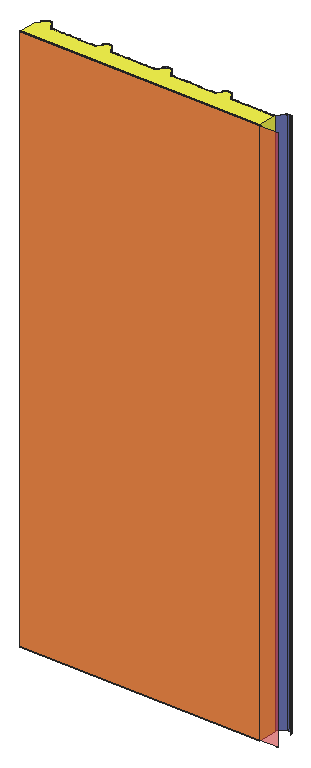
Revit family "ASSAN_N5M_0,5-0,4_T", category Curtain Panels, Revit 2019
Family settings
  OmniClass Number = 23.25.20.14.11.11.17
  OmniClass Title = Infill Panels
  Always vertical = Yes
  Cut with Voids When Loaded = No
  Shared = No
Parameters (values of type "ASSAN_N5M_0,5-0,4_T80")
  width  (mm) = "1000"  # constant formula
  minimum size  (m) = "3"  # constant formula
  maximum size (m) = "Depends on shipping conditions"  # constant formula
  Water absorption (EN ISO 354) = "By Volume 2% (168 hours)"  # constant formula
  Water Vapor Diffusion (EN 12086) = ""
  Version number = "Assan_N5M-001"  # constant formula
  Vapor Diffusion Resistance (EN 12086) = "30-100"  # constant formula
  Uniformat II Description = ""
  Uniformat II Code = ""
  Uniclass 2015 Name = "Metal composite panel roof covering systems"
  Uniclass 2015 Code = "Ss_30_40_55"
  Uniclass 2.0 Description = "Panel Roof Structure Systems"
  Uniclass 2.0 Code = "SS-20-10-60"
  Uniclass 1.4 Description = "Roof coverings, claddings, linings"
  Uniclass 1.4 Code = "L52"
  URL = "https://www.assanpanel.com.tr/en/"
  UNSPSC Code = ""
  Type Comments = "Prepainted Galvanized Steel Structure"  # constant formula
  Thicknes = 80 mm
  Temperature Resistance = "-200 /+110 ºC"  # constant formula
  Technical description = "https://www.assanpanel.com.tr/en/urunler/sandvic-paneller/cati-panelleri/n5m"
  Sound insulation Rw[Db]≥ = ""
  Rockwool Density (kg/m3) = ""
  Production Site = "İstanbul-Balıkesir"  # constant formula
  Painted Type = Plastisol : Plastisol
  Metal Sheet Type = Aluminum : Aluminum
  Internal Colour = RAL 6050
  Internal  Metal Thickness = 0,4 : 0,4
  Insulation Core Material = Assan PIR : Assan PIR
  Hot Dip Coating Quantity(EN 10327) (gr/m2) = AZ50 : AZ50
  Flammability Class (EN 13501) = "B. S2 . d0"  # constant formula
  Finish = "ASSAN IPN"
  External Metal Thickness = 0,4 : 0,4
  External Colour = RAL 5010
  Region = "ALL"  # constant formula
  Ral Code = "All colors available.Please enter the desired color code\r\n\r\n@  :  7032"
  QR code = "https://www.https://www.assanpanel.com.tr/en/urunler/sandvic-paneller/cati-panelleri/n5m"
  Product group = "insulated roof panels"  # constant formula
  Product family = "Roof Panels"  # constant formula
  Product data url = "https://www.assanpanel.com.tr/-/media/files/pdf/urunler/sandivic-paneller/cati-paneli/en/assan-panel-web-foyler_n5m_at-panel_en.ashx"
  Product certification = "https://www.assanpanel.com.tr/en/kutuphane/sertifikalarimiz"
  Polyurethane Density (EN 1602  (kg/m3) = "40 (±2)"  # constant formula
  Panel orientation = "Roof  panel vertical"  # constant formula
  OmniClass Description = ""
  OmniClass Code = ""
  NBS Reference Description = "Roofs"
  NBS Reference Code = "20-10"
  Model name = "ASSAN_N5M_ROOF"  # constant formula
  Masterformat 2014 Description = ""
  Masterformat 2014 Code = ""
  Manufacturer name = "Assan Panel San. ve Tic. A.Ş."  # constant formula
  Manufacturer country = "TURKEY"  # constant formula
  Manufacturer = "Assan Panel San. ve Tic. A.Ş."  # constant formula
  Installation instructions = "https://www.assanpanel.com.tr/en/urunler/sandvic-paneller/cati-panelleri/n5m"
  IFC Classification = "Roof"
  Heat Transmission Coefficient λ (EN 13165) (W/Mk) = "0,022-0,024"  # constant formula
  Dimensional Stability (EN 13165) = "Level DS (TH) 11"  # constant formula
  Design country = "ISTANBUL"  # constant formula
  Date of publishing = "001"  # constant formula
  Construction Type = "N5M"
  Closed cell ratio (EN 14509) = "95%"  # constant formula
  COBIe Type Category = ""
  BIMobject category = "Roof"
Types (6, lengths in mm): name | Thicknes | Insulation Core Material
  (no name) | 80 | Assan PIR : Assan PIR
  ASSAN_N5M_0,5-0,4_T40 | 40 | Assan PIR : Assan PIR
  ASSAN_N5M_0,5-0,4_T50 | 50 | Assan PUR : Assan PUR
  ASSAN_N5M_0,5-0,4_T60 | 60 | Assan PUR : Assan PUR
  ASSAN_N5M_0,5-0,4_T80 | 80 | Assan PIR : Assan PIR
  ASSAN_N5M_0,5-0,4_T100 | 100 | Assan PIR : Assan PIR
Reference planes
  plane 1 "Center (Front/Back)": y = 0
  plane 2: z = 0
  plane 3 "Center (Left/Right)": x = 0
  plane 4 "Left": x = -500
  plane 5 "Right": x = 500
  plane 6 "Top": z = 2300
  plane 7: x = -467.1
  plane 8: y = 1.2
  plane 9: y = 80
Text (mm)
  text "Exterior" at (-2351.972, 1416.179, 0), in view "Ref. Level"
  text "Exterior" at (0, 2290.741, 4406.713), in view "Left"
  text "Exterior" at (0, 1328.187, 4120.349), in view "Right"
Dimensions and locks
  equal spacing: plane 4 "Left", plane 3 "Center (Left/Right)", plane 5 "Right"
  locked: plane 1 "Center (Front/Back)" to plane 8 at 1.2
  "Thicknes": plane 1 "Center (Front/Back)" to plane 9
  nested 1 to plane 3 "Center (Left/Right)" = 40 mm
  aligned and locked: level to plane 2
  aligned and locked: plane 4 "Left" to nested 1
  aligned and locked: plane 4 "Left" to nested 3
  aligned and locked: plane 7 to nested 2
  aligned and locked: plane 4 "Left" to nested 4
  aligned and locked: plane 1 "Center (Front/Back)" to nested 1
  aligned and locked: plane 8 to nested 3
  aligned and locked: nested 2 to plane 9
  aligned and locked: plane 1 "Center (Front/Back)" to nested 4
  aligned and locked: nested 4 to plane 6 "Top"
  aligned and locked: nested 2 to plane 6 "Top"
  aligned and locked: nested 3 to plane 6 "Top"
  aligned and locked: nested 1 to plane 2
  aligned and locked: nested 1 to plane 6 "Top"
Nested families
  nested 1: "N5M_T" at (40, 24.78, 0) x (-1, 0, 0) z (0, 0, 1), type "N5M_T"
    with H 2300 mm
  nested 2: "N5M_B" at (39.956, 80, 0) x (-1, 0, 0) z (0, 0, 1), type "N5M_B"
    with H 2300 mm
  nested 3: "N5M_TT" at (0, 2.4, 0), type "N5M_TT"
    with H 2300 mm
  nested 4: "Assan PIR" at (13.596, 0, 0), type <- "Insulation Core Material", type "Assan PIR"
    with H 2300 mm, kALINLIK 80 mm
Definition of nested family "N5M_T"
  Parameters (values of type "N5M_T")
    Internal Colour = none
    H [instance] = 1732.761 mm
  Reference planes
    plane 1 "Center (Front/Back)": y = 0
    plane 2: z = 0
    plane 3 "Center (Left/Right)": x = 0
    plane 4: z = 1732.761
  Forms (mm)
    Extrusion 1, solid, material <- "Internal Colour"
      sketch origin (0, 0, 0) x (1, 0, 0) y (0, 1, 0)
        loop
          line (-459.999, 23.58) -> (540, 23.58) -> (540, 24.78) -> (-460, 24.78)
          arc (-460, 24.78) -> (-460.424, 24.956) -> (-460.599, 25.38) r 0.6
          arc (-460.599, 25.38) -> (-460.775, 25.805) -> (-461.199, 25.98) r 0.6
          line (-461.199, 25.98) -> (-540, 25.98) -> (-540, 24.78) -> (-461.199, 24.78)
          arc (-461.199, 24.78) -> (-460.775, 24.605) -> (-460.599, 24.18) r 0.6
          arc (-460.599, 24.18) -> (-460.424, 23.756) -> (-459.999, 23.58) r 0.6
      from 0 to 1732.761
  Dimensions and locks
    "H": plane 4 to plane 2
    aligned and locked: level to plane 2
    aligned and locked: plane 4 to Extrusion 1
    aligned and locked: Extrusion 1 to plane 2
  Automatic sketch dimensions
    Extrusion 1 sketch curve to plane 1 "Center (Front/Back)" = 24.78 mm  (x2)
    Extrusion 1 sketch curve to plane 3 "Center (Left/Right)" = 540 mm
    Extrusion 1 sketch curve to plane 1 "Center (Front/Back)" = 25.98 mm
    Extrusion 1 sketch curve to Extrusion 1 sketch curve = 78.8 mm
    Extrusion 1 sketch curve to Extrusion 1 sketch curve = 0 mm
    Extrusion 1 sketch curve to Extrusion 1 sketch curve = 1.199 mm
    Extrusion 1 sketch curve to Extrusion 1 sketch curve = 0.001 mm  (x2)
    plane 3 "Center (Left/Right)" to Extrusion 1 sketch curve = 540 mm
    Extrusion 1 sketch curve to Extrusion 1 sketch curve = 0.6 mm  (x4)
    Extrusion 1 sketch curve to Extrusion 1 sketch curve = 1.2 mm
Definition of nested family "N5M_B"
  Parameters (values of type "N5M_B")
    H [instance] = 2031.585 mm
    External Colour = none
  Reference planes
    plane 1 "Center (Front/Back)": y = 0
    plane 2: z = 0
    plane 3 "Center (Left/Right)": x = 0
    plane 4: x = 507.056
    plane 5: x = -492.944
    plane 6: z = 2031.585
  Forms (mm)
    Extrusion 1, solid, material <- "External Colour"
      sketch origin (0, 25.22, 0) x (1, 0, 0) y (0, 1, 0)
        loop
          arc (15.349, -59.222) -> (17.056, -58.791) -> (18.355, -57.602) r 3.6
          line (18.355, -57.602) -> (38.974, -26.57)
          arc (38.974, -26.57) -> (40.056, -25.579) -> (41.48, -25.22) r 3
          line (41.48, -25.22) -> (48.714, -25.22) -> (86.803, -25.22) -> (105.363, -25.22)
          arc (105.363, -25.22) -> (106.167, -25.38) -> (106.848, -25.835) r 2.1
          arc (106.848, -25.835) -> (107.504, -26.483) -> (108.396, -26.72) r 1.796
          line (108.396, -26.72) -> (155.717, -26.72)
          arc (155.717, -26.72) -> (156.608, -26.483) -> (157.265, -25.835) r 1.796
          arc (157.265, -25.835) -> (157.946, -25.38) -> (158.749, -25.22) r 2.1
          line (158.749, -25.22) -> (204.032, -25.22) -> (215.399, -25.22) -> (222.64, -25.22)
          arc (222.64, -25.22) -> (224.059, -25.58) -> (225.139, -26.57) r 3
          line (225.139, -26.57) -> (245.757, -57.602)
          arc (245.757, -57.602) -> (247.056, -58.791) -> (248.764, -59.222) r 3.6
          line (248.764, -59.222) -> (257.056, -59.222) -> (265.349, -59.222)
          arc (265.349, -59.222) -> (267.056, -58.791) -> (268.355, -57.602) r 3.6
          line (268.355, -57.602) -> (288.974, -26.57)
          arc (288.974, -26.57) -> (290.053, -25.58) -> (291.473, -25.22) r 3
          line (291.473, -25.22) -> (298.714, -25.22) -> (310.081, -25.22) -> (355.363, -25.22)
          arc (355.363, -25.22) -> (356.167, -25.38) -> (356.848, -25.835) r 2.1
          arc (356.848, -25.835) -> (357.504, -26.483) -> (358.396, -26.72) r 1.796
          line (358.396, -26.72) -> (405.717, -26.72)
          arc (405.717, -26.72) -> (406.608, -26.483) -> (407.265, -25.835) r 1.796
          arc (407.265, -25.835) -> (407.946, -25.38) -> (408.749, -25.22) r 2.1
          line (408.749, -25.22) -> (428.248, -25.22) -> (466.336, -25.22) -> (473.571, -25.22)
          arc (473.571, -25.22) -> (474.994, -25.579) -> (476.076, -26.57) r 3
          line (476.076, -26.57) -> (496.416, -57.182)
          arc (496.416, -57.182) -> (497.441, -58.09) -> (498.764, -58.422) r 2.8
          line (498.764, -58.422) -> (515.349, -58.422)
          arc (515.349, -58.422) -> (516.678, -58.086) -> (517.688, -57.16) r 2.8
          line (517.688, -57.16) -> (528.756, -40.502) -> (528.09, -40.059) -> (517.021, -56.719)
          arc (517.021, -56.719) -> (516.299, -57.382) -> (515.349, -57.622) r 2
          line (515.349, -57.622) -> (498.762, -57.622)
          arc (498.762, -57.622) -> (497.818, -57.384) -> (497.098, -56.729) r 2
          line (497.098, -56.729) -> (476.744, -26.129)
          arc (476.744, -26.129) -> (475.376, -24.876) -> (473.579, -24.42) r 3.8
          line (473.579, -24.42) -> (466.336, -24.42) -> (428.248, -24.42) -> (408.749, -24.42)
          arc (408.749, -24.42) -> (407.64, -24.64) -> (406.699, -25.269) r 2.9
          arc (406.699, -25.269) -> (406.275, -25.696) -> (405.717, -25.92) r 1.478
          line (405.717, -25.92) -> (358.396, -25.92)
          arc (358.396, -25.92) -> (357.837, -25.696) -> (357.414, -25.269) r 1.478
          arc (357.414, -25.269) -> (356.473, -24.64) -> (355.363, -24.42) r 2.9
          line (355.363, -24.42) -> (310.081, -24.42) -> (298.714, -24.42) -> (291.48, -24.42)
          arc (291.48, -24.42) -> (289.678, -24.874) -> (288.307, -26.129) r 3.8
          line (288.307, -26.129) -> (267.688, -57.16)
          arc (267.688, -57.16) -> (266.678, -58.086) -> (265.349, -58.422) r 2.8
          line (265.349, -58.422) -> (257.056, -58.422) -> (248.764, -58.422)
          arc (248.764, -58.422) -> (247.435, -58.086) -> (246.425, -57.16) r 2.8
          line (246.425, -57.16) -> (225.806, -26.129)
          arc (225.806, -26.129) -> (224.435, -24.874) -> (222.633, -24.42) r 3.8
          line (222.633, -24.42) -> (215.399, -24.42) -> (204.032, -24.42) -> (158.749, -24.42)
          arc (158.749, -24.42) -> (157.64, -24.64) -> (156.699, -25.269) r 2.9
          arc (156.699, -25.269) -> (156.275, -25.696) -> (155.717, -25.92) r 1.478
          line (155.717, -25.92) -> (108.396, -25.92)
          arc (108.396, -25.92) -> (107.837, -25.696) -> (107.414, -25.269) r 1.478
          arc (107.414, -25.269) -> (106.473, -24.64) -> (105.363, -24.42) r 2.9
          line (105.363, -24.42) -> (86.803, -24.42) -> (48.714, -24.42) -> (41.472, -24.42)
          arc (41.472, -24.42) -> (39.674, -24.876) -> (38.307, -26.129) r 3.8
          line (38.307, -26.129) -> (17.688, -57.16)
          arc (17.688, -57.16) -> (16.678, -58.086) -> (15.349, -58.422) r 2.8
          line (15.349, -58.422) -> (7.056, -58.422) -> (-1.236, -58.422)
          arc (-1.236, -58.422) -> (-2.565, -58.086) -> (-3.575, -57.16) r 2.8
          line (-3.575, -57.16) -> (-24.194, -26.129)
          arc (-24.194, -26.129) -> (-25.561, -24.876) -> (-27.359, -24.42) r 3.8
          line (-27.359, -24.42) -> (-34.601, -24.42) -> (-72.69, -24.42) -> (-91.251, -24.42)
          arc (-91.251, -24.42) -> (-92.36, -24.64) -> (-93.301, -25.269) r 2.9
          arc (-93.301, -25.269) -> (-93.725, -25.696) -> (-94.283, -25.92) r 1.478
          line (-94.283, -25.92) -> (-141.604, -25.92)
          arc (-141.604, -25.92) -> (-142.163, -25.696) -> (-142.586, -25.269) r 1.478
          arc (-142.586, -25.269) -> (-143.527, -24.64) -> (-144.637, -24.42) r 2.9
          line (-144.637, -24.42) -> (-189.919, -24.42) -> (-201.286, -24.42) -> (-208.52, -24.42)
          arc (-208.52, -24.42) -> (-210.322, -24.874) -> (-211.693, -26.129) r 3.8
          line (-211.693, -26.129) -> (-232.312, -57.16)
          arc (-232.312, -57.16) -> (-233.322, -58.086) -> (-234.651, -58.422) r 2.8
          line (-234.651, -58.422) -> (-242.944, -58.422) -> (-251.236, -58.422)
          arc (-251.236, -58.422) -> (-252.565, -58.086) -> (-253.575, -57.16) r 2.8
          line (-253.575, -57.16) -> (-274.194, -26.129)
          arc (-274.194, -26.129) -> (-275.565, -24.874) -> (-277.367, -24.42) r 3.8
          line (-277.367, -24.42) -> (-284.601, -24.42) -> (-295.968, -24.42) -> (-341.251, -24.42)
          arc (-341.251, -24.42) -> (-342.36, -24.64) -> (-343.301, -25.269) r 2.9
          arc (-343.301, -25.269) -> (-343.725, -25.696) -> (-344.283, -25.92) r 1.478
          line (-344.283, -25.92) -> (-391.604, -25.92)
          arc (-391.604, -25.92) -> (-392.163, -25.696) -> (-392.586, -25.269) r 1.478
          arc (-392.586, -25.269) -> (-393.527, -24.64) -> (-394.637, -24.42) r 2.9
          line (-394.637, -24.42) -> (-413.197, -24.42) -> (-451.286, -24.42) -> (-458.528, -24.42)
          arc (-458.528, -24.42) -> (-460.326, -24.876) -> (-461.693, -26.129) r 3.8
          line (-461.693, -26.129) -> (-482.312, -57.16)
          arc (-482.312, -57.16) -> (-483.322, -58.086) -> (-484.651, -58.422) r 2.8
          line (-484.651, -58.422) -> (-492.944, -58.422) -> (-501.238, -58.422)
          arc (-501.238, -58.422) -> (-502.569, -58.084) -> (-503.579, -57.155) r 2.8
          line (-503.579, -57.155) -> (-507.357, -51.678) -> (-508.644, -49.813)
          arc (-508.644, -49.813) -> (-508.942, -49.544) -> (-509.329, -49.439) r 0.866
          arc (-509.329, -49.439) -> (-510.6, -48.739) -> (-510.783, -47.3) r 1.6
          arc (-510.783, -47.3) -> (-510.877, -46.576) -> (-511.521, -46.23) r 0.8
          arc (-511.521, -46.23) -> (-512.8, -45.549) -> (-513.005, -44.115) r 1.6
          arc (-513.005, -44.115) -> (-512.967, -43.712) -> (-513.113, -43.335) r 0.876
          line (-513.113, -43.335) -> (-514.941, -40.685) -> (-515.6, -41.139) -> (-513.787, -43.767)
          arc (-513.787, -43.767) -> (-513.632, -44.162) -> (-513.669, -44.585) r 0.929
          arc (-513.669, -44.585) -> (-513.454, -46.011) -> (-512.179, -46.684) r 1.6
          arc (-512.179, -46.684) -> (-511.536, -47.03) -> (-511.441, -47.754) r 0.8
          arc (-511.441, -47.754) -> (-511.261, -49.189) -> (-509.999, -49.893) r 1.6
          arc (-509.999, -49.893) -> (-509.6, -50.004) -> (-509.293, -50.281) r 0.902
          line (-509.293, -50.281) -> (-508.016, -52.132) -> (-504.243, -57.602)
          arc (-504.243, -57.602) -> (-502.944, -58.791) -> (-501.236, -59.222) r 3.6
          line (-501.236, -59.222) -> (-492.944, -59.222) -> (-484.651, -59.222)
          arc (-484.651, -59.222) -> (-482.944, -58.791) -> (-481.645, -57.602) r 3.6
          line (-481.645, -57.602) -> (-461.026, -26.57)
          arc (-461.026, -26.57) -> (-459.944, -25.579) -> (-458.52, -25.22) r 3
          line (-458.52, -25.22) -> (-451.286, -25.22) -> (-413.197, -25.22) -> (-394.637, -25.22)
          arc (-394.637, -25.22) -> (-393.833, -25.38) -> (-393.152, -25.835) r 2.1
          arc (-393.152, -25.835) -> (-392.496, -26.483) -> (-391.604, -26.72) r 1.796
          line (-391.604, -26.72) -> (-344.283, -26.72)
          arc (-344.283, -26.72) -> (-343.392, -26.483) -> (-342.735, -25.835) r 1.796
          arc (-342.735, -25.835) -> (-342.054, -25.38) -> (-341.251, -25.22) r 2.1
          line (-341.251, -25.22) -> (-295.968, -25.22) -> (-284.601, -25.22) -> (-277.36, -25.22)
          arc (-277.36, -25.22) -> (-275.941, -25.58) -> (-274.861, -26.57) r 3
          line (-274.861, -26.57) -> (-254.243, -57.602)
          arc (-254.243, -57.602) -> (-252.944, -58.791) -> (-251.236, -59.222) r 3.6
          line (-251.236, -59.222) -> (-242.944, -59.222) -> (-234.651, -59.222)
          arc (-234.651, -59.222) -> (-232.944, -58.791) -> (-231.645, -57.602) r 3.6
          line (-231.645, -57.602) -> (-211.026, -26.57)
          arc (-211.026, -26.57) -> (-209.947, -25.58) -> (-208.527, -25.22) r 3
          line (-208.527, -25.22) -> (-201.286, -25.22) -> (-189.919, -25.22) -> (-144.637, -25.22)
          arc (-144.637, -25.22) -> (-143.833, -25.38) -> (-143.152, -25.835) r 2.1
          arc (-143.152, -25.835) -> (-142.496, -26.483) -> (-141.604, -26.72) r 1.796
          line (-141.604, -26.72) -> (-94.283, -26.72)
          arc (-94.283, -26.72) -> (-93.392, -26.483) -> (-92.735, -25.835) r 1.796
          arc (-92.735, -25.835) -> (-92.054, -25.38) -> (-91.251, -25.22) r 2.1
          line (-91.251, -25.22) -> (-72.69, -25.22) -> (-34.601, -25.22) -> (-27.367, -25.22)
          arc (-27.367, -25.22) -> (-25.944, -25.579) -> (-24.861, -26.57) r 3
          line (-24.861, -26.57) -> (-4.243, -57.602)
          arc (-4.243, -57.602) -> (-2.944, -58.791) -> (-1.236, -59.222) r 3.6
          line (-1.236, -59.222) -> (7.056, -59.222) -> (15.349, -59.222)
      from 0 to 2031.585
  Dimensions and locks
    "H": plane 6 to plane 2
    aligned and locked: level to plane 2
    aligned and locked: plane 6 to Extrusion 1
  Automatic sketch dimensions
    Extrusion 1 sketch curve to Extrusion 1 sketch curve = 0 mm  (x110)
    Extrusion 1 sketch curve to plane 5 = 0 mm  (x2)
    plane 1 "Center (Front/Back)" to Extrusion 1 sketch curve = 0 mm  (x8)
    plane 5 to Extrusion 1 sketch curve = 8.292 mm
    Extrusion 1 sketch curve to Extrusion 1 sketch curve = 0.002 mm  (x2)
    Extrusion 1 sketch curve to Extrusion 1 sketch curve = 2.341 mm
    Extrusion 1 sketch curve to Extrusion 1 sketch curve = 0.664 mm
    Extrusion 1 sketch curve to Extrusion 1 sketch curve = 3.778 mm
    Extrusion 1 sketch curve to Extrusion 1 sketch curve = 1.287 mm
    Extrusion 1 sketch curve to Extrusion 1 sketch curve = 0.632 mm
    Extrusion 1 sketch curve to Extrusion 1 sketch curve = 0.648 mm
    Extrusion 1 sketch curve to Extrusion 1 sketch curve = 0.065 mm  (x2)
    Extrusion 1 sketch curve to Extrusion 1 sketch curve = 0.658 mm  (x5)
    Extrusion 1 sketch curve to Extrusion 1 sketch curve = 0.677 mm
    Extrusion 1 sketch curve to Extrusion 1 sketch curve = 2.214 mm
    Extrusion 1 sketch curve to Extrusion 1 sketch curve = 1.601 mm
    Extrusion 1 sketch curve to Extrusion 1 sketch curve = 0.964 mm
    Extrusion 1 sketch curve to Extrusion 1 sketch curve = 0.674 mm
    Extrusion 1 sketch curve to Extrusion 1 sketch curve = 0.047 mm
    Extrusion 1 sketch curve to Extrusion 1 sketch curve = 0.718 mm
    Extrusion 1 sketch curve to Extrusion 1 sketch curve = 1.828 mm
    Extrusion 1 sketch curve to plane 5 = 8.292 mm
    Extrusion 1 sketch curve to Extrusion 1 sketch curve = 2.339 mm  (x6)
    Extrusion 1 sketch curve to Extrusion 1 sketch curve = 0.667 mm  (x12)
    plane 1 "Center (Front/Back)" to Extrusion 1 sketch curve = 0.909 mm  (x8)
    Extrusion 1 sketch curve to plane 5 = 31.25 mm
    plane 1 "Center (Front/Back)" to Extrusion 1 sketch curve = 1.35 mm  (x8)
    Extrusion 1 sketch curve to plane 1 "Center (Front/Back)" = 0.8 mm  (x6)
    Extrusion 1 sketch curve to Extrusion 1 sketch curve = 2.498 mm  (x2)
    plane 1 "Center (Front/Back)" to Extrusion 1 sketch curve = 3 mm  (x6)
    Extrusion 1 sketch curve to Extrusion 1 sketch curve = 7.242 mm  (x2)
    Extrusion 1 sketch curve to Extrusion 1 sketch curve = 38.089 mm  (x3)
    plane 1 "Center (Front/Back)" to Extrusion 1 sketch curve = 2.1 mm  (x6)
    Extrusion 1 sketch curve to Extrusion 1 sketch curve = 18.561 mm  (x3)
    plane 1 "Center (Front/Back)" to Extrusion 1 sketch curve = 1.5 mm  (x4)
    Extrusion 1 sketch curve to Extrusion 1 sketch curve = 3.033 mm  (x8)
    Extrusion 1 sketch curve to Extrusion 1 sketch curve = 0.257 mm  (x8)
    Extrusion 1 sketch curve to plane 1 "Center (Front/Back)" = 0.755 mm  (x4)
    Extrusion 1 sketch curve to Extrusion 1 sketch curve = 46.806 mm  (x4)
    Extrusion 1 sketch curve to Extrusion 1 sketch curve = 45.282 mm  (x4)
    Extrusion 1 sketch curve to Extrusion 1 sketch curve = 11.367 mm  (x4)
    Extrusion 1 sketch curve to Extrusion 1 sketch curve = 7.234 mm  (x6)
    Extrusion 1 sketch curve to Extrusion 1 sketch curve = 0.007 mm  (x2)
    plane 1 "Center (Front/Back)" to Extrusion 1 sketch curve = 32.382 mm  (x5)
    Extrusion 1 sketch curve to Extrusion 1 sketch curve = 20.619 mm  (x5)
    plane 1 "Center (Front/Back)" to Extrusion 1 sketch curve = 31.941 mm  (x4)
    Extrusion 1 sketch curve to Extrusion 1 sketch curve = 8.292 mm  (x5)
    Extrusion 1 sketch curve to Extrusion 1 sketch curve = 2.499 mm  (x3)
    Extrusion 1 sketch curve to plane 1 "Center (Front/Back)" = 0.296 mm  (x8)
    Extrusion 1 sketch curve to plane 1 "Center (Front/Back)" = 0 mm  (x2)
    Extrusion 1 sketch curve to plane 3 "Center (Left/Right)" = 34.601 mm
    Extrusion 1 sketch curve to Extrusion 1 sketch curve = 0.008 mm  (x2)
    Extrusion 1 sketch curve to plane 3 "Center (Left/Right)" = 4.243 mm
    Extrusion 1 sketch curve to plane 3 "Center (Left/Right)" = 1.236 mm
    plane 3 "Center (Left/Right)" to Extrusion 1 sketch curve = 7.056 mm
    Extrusion 1 sketch curve to Extrusion 1 sketch curve = 19.498 mm
    Extrusion 1 sketch curve to Extrusion 1 sketch curve = 2.506 mm
    plane 4 to Extrusion 1 sketch curve = 8.294 mm
    Extrusion 1 sketch curve to plane 4 = 8.292 mm
    Extrusion 1 sketch curve to Extrusion 1 sketch curve = 1.672 mm
    Extrusion 1 sketch curve to Extrusion 1 sketch curve = 11.069 mm
    Extrusion 1 sketch curve to Extrusion 1 sketch curve = 0.666 mm
    plane 1 "Center (Front/Back)" to Extrusion 1 sketch curve = 32.402 mm
    plane 1 "Center (Front/Back)" to Extrusion 1 sketch curve = 33.202 mm
    Extrusion 1 sketch curve to Extrusion 1 sketch curve = 0.82 mm  (x4)
    Extrusion 1 sketch curve to Extrusion 1 sketch curve = 1.262 mm  (x2)
    Extrusion 1 sketch curve to Extrusion 1 sketch curve = 0.8 mm  (x5)
    Extrusion 1 sketch curve to Extrusion 1 sketch curve = 0.441 mm  (x4)
    Extrusion 1 sketch curve to Extrusion 1 sketch curve = 0.462 mm
    Extrusion 1 sketch curve to Extrusion 1 sketch curve = 2 mm
    Extrusion 1 sketch curve to Extrusion 1 sketch curve = 5.477 mm
    Extrusion 1 sketch curve to Extrusion 1 sketch curve = 0.885 mm
    Extrusion 1 sketch curve to Extrusion 1 sketch curve = 0.489 mm
    Extrusion 1 sketch curve to Extrusion 1 sketch curve = 0.023 mm
    Extrusion 1 sketch curve to Extrusion 1 sketch curve = 0.469 mm
    Extrusion 1 sketch curve to Extrusion 1 sketch curve = 1.519 mm
    Extrusion 1 sketch curve to Extrusion 1 sketch curve = 0.454 mm  (x5)
    Extrusion 1 sketch curve to Extrusion 1 sketch curve = 0.81 mm
    Extrusion 1 sketch curve to Extrusion 1 sketch curve = 1.945 mm
    Extrusion 1 sketch curve to Extrusion 1 sketch curve = 0.79 mm
    Extrusion 1 sketch curve to Extrusion 1 sketch curve = 0.463 mm
    Extrusion 1 sketch curve to Extrusion 1 sketch curve = 0.432 mm
    Extrusion 1 sketch curve to Extrusion 1 sketch curve = 2.628 mm
    Extrusion 1 sketch curve to Extrusion 1 sketch curve = 2.1 mm  (x2)
    plane 1 "Center (Front/Back)" to Extrusion 1 sketch curve = 0.7 mm  (x4)
    Extrusion 1 sketch curve to Extrusion 1 sketch curve = 0.459 mm  (x4)
    plane 1 "Center (Front/Back)" to Extrusion 1 sketch curve = 0.049 mm  (x4)
    Extrusion 1 sketch curve to Extrusion 1 sketch curve = 0.003 mm
    Extrusion 1 sketch curve to Extrusion 1 sketch curve = 2.346 mm
    Extrusion 1 sketch curve to Extrusion 1 sketch curve = 0.016 mm  (x2)
    Extrusion 1 sketch curve to Extrusion 1 sketch curve = 0.65 mm
    Extrusion 1 sketch curve to Extrusion 1 sketch curve = 0.011 mm  (x2)
Definition of nested family "N5M_TT"
  Parameters (values of type "N5M_TT")
    Internal Colour = none
    H [instance] = 1863.691 mm
  Reference planes
    plane 1 "Center (Front/Back)": y = 0
    plane 2: z = 0
    plane 3 "Center (Left/Right)": x = 0
    plane 4: z = 1863.691
  Forms (mm)
    Extrusion 1, solid, material <- "Internal Colour"
      sketch origin (-40, -24.78, 0) x (1, 0, 0) y (0, 1, 0)
        loop
          line (-459.999, 23.58) -> (540, 23.58) -> (540, 24.78) -> (-459.999, 24.78) -> (-459.999, 23.58)
      from 0 to 1863.691
  Dimensions and locks
    "H": plane 4 to plane 2
    aligned and locked: level to plane 2
    aligned and locked: Extrusion 1 to plane 1 "Center (Front/Back)"
    aligned and locked: plane 4 to Extrusion 1
  Automatic sketch dimensions
    plane 1 "Center (Front/Back)" to Extrusion 1 sketch curve = 0 mm
    Extrusion 1 sketch curve to plane 3 "Center (Left/Right)" = 500 mm
    plane 3 "Center (Left/Right)" to Extrusion 1 sketch curve = 500 mm
    plane 1 "Center (Front/Back)" to Extrusion 1 sketch curve = 1.2 mm
Definition of nested family "Assan PIR"
  Parameters (values of type "Assan PIR")
    kALINLIK = 90 mm
    Thickness = 2.4 mm
    Insulation Core Material = none
    H [instance] = 2015.173 mm
    Analytic Construction = "<None>"
  Reference planes
    plane 1 "Center (Front/Back)": y = 0
    plane 2: z = 0
    plane 3 "Center (Left/Right)": x = 0
    plane 4: x = 486.404
    plane 5: y = 89.2
    plane 6: z = 2015.173
    plane 7: x = -513.596
    plane 8: y = 122.402
    plane 9: x = -480.696
    plane 10: y = 90
    plane 11: y = 2.4
    plane 12: y = 123.202
    plane 13: y = 90.7
  Forms (mm)
    Extrusion 1, solid, material <- "Insulation Core Material"
      sketch origin (0, 70, 0) x (1, 0, 0) y (0, 1, 0)
        loop
          arc (-447.639, 19.2) -> (-449.057, 19.556) -> (-450.138, 20.54) r 3
          line (-450.138, 20.54) -> (-470.418, 51.062)
          arc (-470.418, 51.062) -> (-471.499, 52.046) -> (-472.917, 52.402) r 3
          line (-472.917, 52.402) -> (-488.452, 52.402)
          arc (-488.452, 52.402) -> (-489.869, 52.046) -> (-490.95, 51.062) r 3
          line (-490.95, 51.062) -> (-513.596, 16.98) -> (-513.596, -67.6) -> (486.404, -67.6) -> (486.404, 19.2) -> (420.997, 19.2)
          arc (420.997, 19.2) -> (419.888, 19.421) -> (418.947, 20.049) r 2.9
          arc (418.947, 20.049) -> (418.523, 20.477) -> (417.965, 20.7) r 1.478
          line (417.965, 20.7) -> (370.644, 20.7)
          arc (370.644, 20.7) -> (370.085, 20.477) -> (369.662, 20.049) r 1.478
          arc (369.662, 20.049) -> (368.721, 19.421) -> (367.611, 19.2) r 2.9
          line (367.611, 19.2) -> (303.299, 19.2)
          arc (303.299, 19.2) -> (301.881, 19.556) -> (300.8, 20.54) r 3
          line (300.8, 20.54) -> (279.988, 51.862)
          arc (279.988, 51.862) -> (278.907, 52.846) -> (277.489, 53.202) r 3
          line (277.489, 53.202) -> (261.119, 53.202)
          arc (261.119, 53.202) -> (259.702, 52.846) -> (258.621, 51.862) r 3
          line (258.621, 51.862) -> (237.809, 20.54)
          arc (237.809, 20.54) -> (236.728, 19.556) -> (235.31, 19.2) r 3
          line (235.31, 19.2) -> (170.997, 19.2)
          arc (170.997, 19.2) -> (169.888, 19.421) -> (168.947, 20.049) r 2.9
          arc (168.947, 20.049) -> (168.523, 20.477) -> (167.965, 20.7) r 1.478
          line (167.965, 20.7) -> (120.644, 20.7)
          arc (120.644, 20.7) -> (120.085, 20.477) -> (119.662, 20.049) r 1.478
          arc (119.662, 20.049) -> (118.721, 19.421) -> (117.611, 19.2) r 2.9
          line (117.611, 19.2) -> (53.299, 19.2)
          arc (53.299, 19.2) -> (51.881, 19.556) -> (50.8, 20.54) r 3
          line (50.8, 20.54) -> (29.988, 51.862)
          arc (29.988, 51.862) -> (28.907, 52.846) -> (27.489, 53.202) r 3
          line (27.489, 53.202) -> (11.119, 53.202)
          arc (11.119, 53.202) -> (9.702, 52.846) -> (8.621, 51.862) r 3
          line (8.621, 51.862) -> (-12.191, 20.54)
          arc (-12.191, 20.54) -> (-13.272, 19.556) -> (-14.69, 19.2) r 3
          line (-14.69, 19.2) -> (-79.003, 19.2)
          arc (-79.003, 19.2) -> (-80.112, 19.421) -> (-81.053, 20.049) r 2.9
          arc (-81.053, 20.049) -> (-81.477, 20.477) -> (-82.035, 20.7) r 1.478
          line (-82.035, 20.7) -> (-129.356, 20.7)
          arc (-129.356, 20.7) -> (-129.915, 20.477) -> (-130.338, 20.049) r 1.478
          arc (-130.338, 20.049) -> (-131.279, 19.421) -> (-132.389, 19.2) r 2.9
          line (-132.389, 19.2) -> (-196.701, 19.2)
          arc (-196.701, 19.2) -> (-198.119, 19.556) -> (-199.2, 20.54) r 3
          line (-199.2, 20.54) -> (-220.012, 51.862)
          arc (-220.012, 51.862) -> (-221.093, 52.846) -> (-222.511, 53.202) r 3
          line (-222.511, 53.202) -> (-238.881, 53.202)
          arc (-238.881, 53.202) -> (-240.298, 52.846) -> (-241.379, 51.862) r 3
          line (-241.379, 51.862) -> (-262.191, 20.54)
          arc (-262.191, 20.54) -> (-263.272, 19.556) -> (-264.69, 19.2) r 3
          line (-264.69, 19.2) -> (-329.003, 19.2)
          arc (-329.003, 19.2) -> (-330.112, 19.421) -> (-331.053, 20.049) r 2.9
          arc (-331.053, 20.049) -> (-331.477, 20.477) -> (-332.035, 20.7) r 1.478
          line (-332.035, 20.7) -> (-379.356, 20.7)
          arc (-379.356, 20.7) -> (-379.915, 20.477) -> (-380.338, 20.049) r 1.478
          arc (-380.338, 20.049) -> (-381.279, 19.421) -> (-382.389, 19.2) r 2.9
          line (-382.389, 19.2) -> (-447.639, 19.2)
      from 0 to 2015.173
  Dimensions and locks
    "H": plane 2 to plane 6
    locked: plane 1 "Center (Front/Back)" to plane 11 at 2.4
    "kALINLIK": plane 1 "Center (Front/Back)" to plane 10
    locked: plane 10 to plane 5 at 0.8
    locked: plane 10 to plane 8 at 32.402
    locked: plane 12 to plane 8 at 0.8
    locked: plane 13 to plane 5 at 1.5
    aligned and locked: level to plane 2
    aligned and locked: Extrusion 1 to plane 2
    aligned and locked: plane 6 to Extrusion 1
    aligned and locked: Extrusion 1 sketch curve to plane 7
    aligned and locked: Extrusion 1 sketch curve to plane 8
    aligned and locked: Extrusion 1 sketch curve to plane 13
    aligned and locked: Extrusion 1 sketch curve to plane 5
  Automatic sketch dimensions
    plane 12 to Extrusion 1 sketch curve = 0 mm  (x3)
    Extrusion 1 sketch curve to plane 4 = 0 mm
    plane 11 to Extrusion 1 sketch curve = 0 mm
    Extrusion 1 sketch curve to plane 8 = 1.34 mm  (x2)
    Extrusion 1 sketch curve to plane 9 = 10.255 mm
    Extrusion 1 sketch curve to plane 8 = 3 mm
    plane 9 to Extrusion 1 sketch curve = 7.779 mm
    Extrusion 1 sketch curve to Extrusion 1 sketch curve = 2.499 mm  (x7)
    plane 13 to Extrusion 1 sketch curve = 0.16 mm  (x7)
    plane 9 to Extrusion 1 sketch curve = 30.558 mm
    Extrusion 1 sketch curve to plane 13 = 1.5 mm  (x5)
    Extrusion 1 sketch curve to plane 8 = 0.54 mm  (x6)
    Extrusion 1 sketch curve to Extrusion 1 sketch curve = 20.812 mm  (x5)
    Extrusion 1 sketch curve to Extrusion 1 sketch curve = 16.37 mm  (x3)
    Extrusion 1 sketch curve to plane 3 "Center (Left/Right)" = 14.69 mm
    plane 3 "Center (Left/Right)" to Extrusion 1 sketch curve = 8.621 mm
    Extrusion 1 sketch curve to plane 8 = 2.2 mm  (x2)
    Extrusion 1 sketch curve to plane 5 = 2.22 mm
    Extrusion 1 sketch curve to Extrusion 1 sketch curve = 68.283 mm
    Extrusion 1 sketch curve to Extrusion 1 sketch curve = 132.835 mm
    Extrusion 1 sketch curve to Extrusion 1 sketch curve = 67.345 mm  (x2)
    plane 5 to Extrusion 1 sketch curve = 0.045 mm  (x8)
    Extrusion 1 sketch curve to plane 10 = 0.049 mm  (x8)
    Extrusion 1 sketch curve to Extrusion 1 sketch curve = 1.239 mm  (x3)
    Extrusion 1 sketch curve to plane 13 = 1.4 mm  (x8)
    Extrusion 1 sketch curve to Extrusion 1 sketch curve = 0.257 mm  (x5)
    Extrusion 1 sketch curve to plane 5 = 0 mm  (x7)
    Extrusion 1 sketch curve to Extrusion 1 sketch curve = 50.096 mm
    plane 13 to Extrusion 1 sketch curve = 0 mm  (x3)
    Extrusion 1 sketch curve to Extrusion 1 sketch curve = 46.806 mm  (x2)
    Extrusion 1 sketch curve to Extrusion 1 sketch curve = 67.603 mm
    Extrusion 1 sketch curve to Extrusion 1 sketch curve = 64.313 mm
    Extrusion 1 sketch curve to Extrusion 1 sketch curve = 47.064 mm
